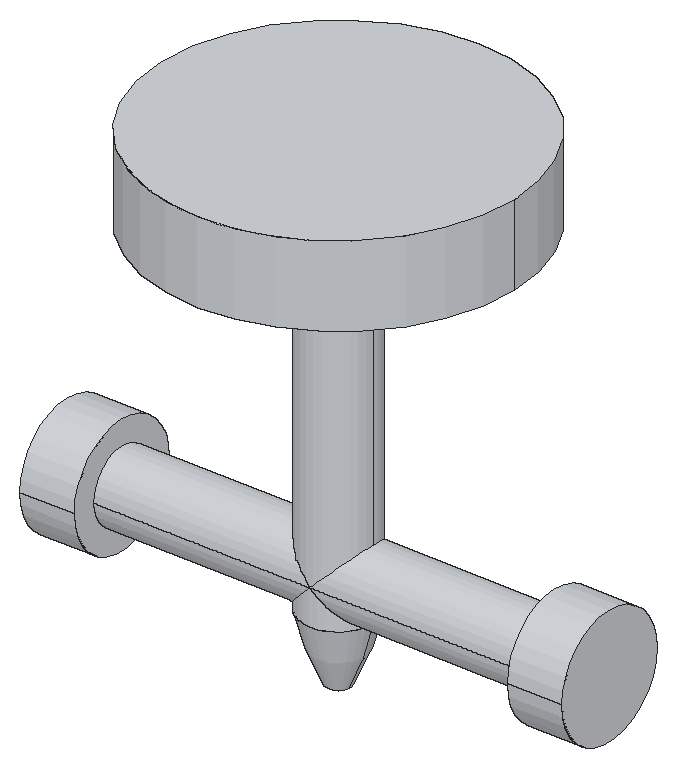
Revit family "fdf2c0a732b74a238cc26c86ea545ad1", category Pipe Accessories, Revit 2021
Family settings
  Round Connector Dimension = Use Radius
  Part Type = Valve - Breaks Into
  OmniClass Number = 23.65.55.14.21
  OmniClass Title = Non-Return Valves for Liquid Services
  Seek Item ID = Check Valve - 0.375-4 Inch - Threaded-0000-USA-ENU
  Work Plane-Based = No
  Always vertical = Yes
  Cut with Voids When Loaded = No
  Shared = No
Parameters (values of type "3/8"")
  Width 1 = Symbol Width / 8  # 0' - 0.07442"
  Valve Material = none
  Symbol Width = 0.5 * Body Length * tan(30.00°)  # 0' - 0.59539"
  Nominal Radius = 3/16"
  Nominal Diameter = Nominal Radius * 2  # 3/8"
  Length 2 = Symbol Width / 2  # 0' - 0.2977"
  Length 1 = Body Radius / 3  # 0' - 0.045"
  K Coefficient = 0.35
  Height 1 = 0' - 0 1/4"
  Default Elevation = 0' - 0"
  Cover Thickness = 0.15 * Body Length  # 0' - 0.30937"
  Cover Radius = Cover Diameter / 2  # 0' - 0.67031"
  Cover Height = 0' - 1 1/2"
  Cover Diameter = 0.65 * Body Length  # 0' - 1.34063"
  Body Radius = Body Diameter / 2  # 0' - 0.135"
  Body Length = 0' - 2 1/16"
  Body Diameter = 0.6 * Adapter Diameter  # 0' - 0.27"
  Adapter Radius = Adapter Diameter / 2  # 0' - 0.225"
  Adapter Length = 0.1 * Body Length  # 0' - 0.20625"
  Adapter Diameter = 1.2 * Nominal Diameter  # 0' - 0.45"
Types (11): name | Width 1 | Symbol Width | Nominal Radius | Nominal Diameter | Length 2 | Length 1 | K Coefficient | Height 1 | Cover Thickness | Cover Radius | Cover Height | Cover Diameter | Body Radius | Body Length | Body Diameter | Adapter Radius | Adapter Length | Adapter Diameter
  (no name) | 0' - 0.07442" | 0' - 0.59539" | 3/16" | 3/8" | 0' - 0.2977" | 0' - 0.045" | 0.35 | 0' - 0 1/4" | 0' - 0.30937" | 0' - 0.67031" | 0' - 1 1/2" | 0' - 1.34063" | 0' - 0.135" | 0' - 2 1/16" | 0' - 0.27" | 0' - 0.225" | 0' - 0.20625" | 0' - 0.45"
  4" | 0' - 0.26161" | 0' - 2.09289" | 2" | 4" | 0' - 1.04645" | 0' - 0.48" | 0.21 | 0' - 1 1/4" | 0' - 1.0875" | 0' - 2.35625" | 0' - 4 1/2" | 0' - 4.7125" | 0' - 1.44" | 0' - 7 1/4" | 0' - 2.88" | 0' - 2.4" | 0' - 0.725" | 0' - 4.8"
  3/8" | 0' - 0.07442" | 0' - 0.59539" | 3/16" | 3/8" | 0' - 0.2977" | 0' - 0.045" | 0.35 | 0' - 0 1/4" | 0' - 0.30937" | 0' - 0.67031" | 0' - 1 1/2" | 0' - 1.34063" | 0' - 0.135" | 0' - 2 1/16" | 0' - 0.27" | 0' - 0.225" | 0' - 0.20625" | 0' - 0.45"
  3/4" | 0' - 0.0857" | 0' - 0.6856" | 3/8" | 3/4" | 0' - 0.3428" | 0' - 0.09" | 0.32 | 0' - 0 1/4" | 0' - 0.35625" | 0' - 0.77187" | 0' - 1 11/16" | 0' - 1.54375" | 0' - 0.27" | 0' - 2 3/8" | 0' - 0.54" | 0' - 0.45" | 0' - 0.2375" | 0' - 0.9"
  3" | 0' - 0.212" | 0' - 1.69597" | 1 1/2" | 3" | 0' - 0.84798" | 0' - 0.36" | 0.32 | 0' - 1" | 0' - 0.88125" | 0' - 1.90938" | 0' - 3 3/4" | 0' - 3.81875" | 0' - 1.08" | 0' - 5 7/8" | 0' - 2.16" | 0' - 1.8" | 0' - 0.5875" | 0' - 3.6"
  2" | 0' - 0.15336" | 0' - 1.22687" | 1" | 2" | 0' - 0.61343" | 0' - 0.24" | 0.25 | 0' - 0 3/4" | 0' - 0.6375" | 0' - 1.38125" | 0' - 2 7/8" | 0' - 2.7625" | 0' - 0.72" | 0' - 4 1/4" | 0' - 1.44" | 0' - 1.2" | 0' - 0.425" | 0' - 2.4"
  2 1/2" | 0' - 0.19846" | 0' - 1.58771" | 1 1/4" | 2 1/2" | 0' - 0.79386" | 0' - 0.3" | 0.24 | 0' - 0 3/4" | 0' - 0.825" | 0' - 1.7875" | 0' - 3 1/2" | 0' - 3.575" | 0' - 0.9" | 0' - 5 1/2" | 0' - 1.8" | 0' - 1 1/2" | 0' - 0.55" | 0' - 3"
  1/2" | 0' - 0.08119" | 0' - 0.64952" | 1/4" | 1/2" | 0' - 0.32476" | 0' - 0.06" | 0.32 | 0' - 0 1/4" | 0' - 0.3375" | 0' - 0.73125" | 0' - 1 1/2" | 0' - 1.4625" | 0' - 0.18" | 0' - 2 1/4" | 0' - 0.36" | 0' - 0.3" | 0' - 0.225" | 0' - 0.6"
  1" | 0' - 0.09923" | 0' - 0.79386" | 1/2" | 1" | 0' - 0.39693" | 0' - 0.12" | 0.31 | 0' - 0 1/2" | 0' - 0.4125" | 0' - 0.89375" | 0' - 1 15/16" | 0' - 1.7875" | 0' - 0.36" | 0' - 2 3/4" | 0' - 0.72" | 0' - 0.6" | 0' - 0.275" | 0' - 1.2"
  1 1/4" | 0' - 0.11727" | 0' - 0.93819" | 5/8" | 1 1/4" | 0' - 0.4691" | 0' - 0.15" | 0.3 | 0' - 0 1/2" | 0' - 0.4875" | 0' - 1.05625" | 0' - 2 3/16" | 0' - 2.1125" | 0' - 0.45" | 0' - 3 1/4" | 0' - 0.9" | 0' - 0 3/4" | 0' - 0.325" | 0' - 1 1/2"
  1 1/2" | 0' - 0.13081" | 0' - 1.04645" | 3/4" | 1 1/2" | 0' - 0.52322" | 0' - 0.18" | 0.28 | 0' - 0 1/2" | 0' - 0.54375" | 0' - 1.17813" | 0' - 2 5/16" | 0' - 2.35625" | 0' - 0.54" | 0' - 3 5/8" | 0' - 1.08" | 0' - 0.9" | 0' - 0.3625" | 0' - 1.8"
Reference planes (in)
  plane 1 "Center (Front/Back)": y = 0
  plane 2: z = 0
  plane 3 "Center (Left/Right)": x = 0
  plane 4: x = -1.03125
  plane 5: x = 1.03125
  plane 6: x = -0.825
  plane 7: x = 0.825
  plane 8: z = 1.19062
  plane 9: z = 1.5
  plane 10: z = -0.135
  plane 11: z = -0.385
  plane 12: x = -0.045
  plane 13: x = -0.135
  plane 14: y = 0.225
  plane 15: y = -0.225
  plane 16: y = 0.59539
  plane 17: y = -0.59539
  plane 18: y = 0.66982
  plane 19: y = 0.74424
  plane 20: x = 0.5273
Forms (in)
  Extrusion 1, solid, material <- "Valve Material", detail levels fine
    sketch origin (0, 0, 0) x (0, 1, 0) y (0, 0, 1)
      loop
        circle (0, 0) r 0.135
    from -0.825 to 0.825
  Extrusion 2, solid, material <- "Valve Material", detail levels fine
    sketch origin (0, 0, 0) x (0, 1, 0) y (0, 0, 1)
      loop
        circle (0, 0) r 0.225
    from -1.03125 to -0.825
  Extrusion 3, solid, material <- "Valve Material", detail levels fine
    sketch origin (0, 0, 0) x (0, 1, 0) y (0, 0, 1)
      loop
        circle (0, 0) r 0.225
    from 0.825 to 1.03125
  Extrusion 4, solid, material <- "Valve Material", detail levels fine
    sketch origin (0, 0, 0) x (1, 0, 0) y (0, 1, 0)
      loop
        circle (0, 0) r 0.135
    from -0.135 to 1.19063
  Extrusion 5, solid, material <- "Valve Material", detail levels fine
    sketch origin (0, 0, 0) x (1, 0, 0) y (0, 1, 0)
      loop
        circle (0, 0) r 0.67031
    from 1.19063 to 1.5
  Revolve 6, solid, material <- "Valve Material", detail levels fine
    sketch origin (0, 0, 0) x (1, 0, 0) y (0, 0, 1)
      loop
        arc (-0.135, -0.135) -> (-0.09877, -0.26316) -> (-0.045, -0.385) r 0.95145
        line (-0.045, -0.385) -> (0, -0.385) -> (0, -0.135) -> (-0.135, -0.135)
      axis (0, -0.135) -> (0, -0.385)
    angle from 0 to 360
Cuts and joins
  joined: Extrusion 1, Extrusion 2, Extrusion 3, Extrusion 4, Extrusion 5, Revolve 6
Lines and regions (in)
  model lines, detail levels coarse+medium
    curve 1: line (-1.03125, 0.59539, 0) -> (1.03125, -0.59539, 0)
    curve 2: line (-1.03125, 0.59539, 0) -> (-1.03125, -0.59539, 0)
    curve 3: line (1.03125, 0.59539, 0) -> (1.03125, -0.59539, 0)
    curve 4: line (-0.825, 0.66982, 0) -> (0.825, 0.66982, 0)
    curve 5: line (0.825, 0.66982, 0) -> (0.5273, 0.74424, 0)
    curve 6: line (0.5273, 0.74424, 0) -> (0.5273, 0.66982, 0)
Dimensions and locks (in)
  equal spacing: plane 4, plane 3 "Center (Left/Right)", plane 5
  "Body Length": plane 4 to plane 5
  "Adapter Length": plane 4 to plane 6
  "Adapter Length": plane 7 to plane 5
  "Cover Thickness": plane 9 to plane 8
  "Cover Height": plane 9 to plane 2
  "Body Radius": plane 2 to plane 10
  "Height 1": plane 10 to plane 11
  "Length 1": plane 3 "Center (Left/Right)" to plane 12
  "Body Radius": plane 3 "Center (Left/Right)" to plane 13
  "Adapter Radius": plane 14 to plane 1 "Center (Front/Back)"
  "Adapter Radius": plane 1 "Center (Front/Back)" to plane 15
  "Symbol Width": plane 16 to plane 1 "Center (Front/Back)"
  "Symbol Width": plane 1 "Center (Front/Back)" to plane 17
  "Width 1": plane 18 to plane 16
  "Width 1": plane 19 to plane 18
  "Length 2": plane 20 to plane 7
  "Body Radius": radius of Extrusion 1 sketch curve
  "Adapter Radius": radius of Extrusion 2 sketch curve
  "Adapter Radius": radius of Extrusion 3 sketch curve
  "Body Radius": radius of Extrusion 4 sketch curve
  "Cover Radius": radius of Extrusion 5 sketch curve
  aligned and locked: plane 2 to Extrusion 1 sketch curve
  aligned and locked: plane 1 "Center (Front/Back)" to Extrusion 1 sketch curve
  aligned and locked: Extrusion 1 to plane 6
  aligned and locked: plane 7 to Extrusion 1
  aligned and locked: plane 2 to Extrusion 2 sketch curve
  aligned and locked: plane 1 "Center (Front/Back)" to Extrusion 2 sketch curve
  aligned and locked: Extrusion 2 to plane 4
  aligned and locked: plane 6 to Extrusion 2
  aligned and locked: plane 2 to Extrusion 3 sketch curve
  aligned and locked: plane 1 "Center (Front/Back)" to Extrusion 3 sketch curve
  aligned and locked: Extrusion 3 to plane 7
  aligned and locked: plane 5 to Extrusion 3
  aligned and locked: plane 1 "Center (Front/Back)" to Extrusion 4 sketch curve
  aligned and locked: plane 3 "Center (Left/Right)" to Extrusion 4 sketch curve
  aligned and locked: Extrusion 4 to plane 10
  aligned and locked: plane 8 to Extrusion 4
  aligned and locked: plane 1 "Center (Front/Back)" to Extrusion 5 sketch curve
  aligned and locked: plane 3 "Center (Left/Right)" to Extrusion 5 sketch curve
  aligned and locked: Extrusion 5 to plane 8
  aligned and locked: plane 9 to Extrusion 5
  aligned and locked: plane 3 "Center (Left/Right)" to Revolve 6 sketch curve  (x2)
  aligned and locked: plane 13 to Revolve 6 sketch curve
  aligned and locked: Revolve 6 sketch curve to plane 10
  aligned and locked: plane 12 to Revolve 6 sketch curve
  aligned and locked: Revolve 6 sketch curve to plane 11
  aligned and locked: plane 10 to Revolve 6 sketch curve
  aligned and locked: plane 11 to Revolve 6 sketch curve
  aligned and locked: Revolve 6 sketch curve to plane 3 "Center (Left/Right)"
  aligned and locked: plane 16 to curve 1
  aligned and locked: plane 17 to curve 1
  aligned and locked: plane 5 to curve 1
  aligned and locked: plane 17 to curve 2
  aligned and locked: curve 2 to plane 4
  aligned and locked: plane 16 to curve 3
  aligned and locked: curve 3 to plane 5
  aligned and locked: plane 6 to curve 4
  aligned and locked: plane 7 to curve 4
  aligned and locked: curve 4 to plane 18
  aligned and locked: plane 19 to curve 5
  aligned and locked: plane 18 to curve 6
  aligned and locked: plane 20 to curve 6
Automatic sketch dimensions
  plane 10 to Revolve 6 sketch curve = 0' - 0.19412"
  Revolve 6 sketch curve to Revolve 6 sketch curve = 0' - 0.19243"
  Revolve 6 sketch curve to Revolve 6 sketch curve = 0' - 0.32693"
Connectors (in)
  piping at (-1.03125, 0, 0), diameter 0.375, driven by "Nominal Radius"
    settings: on cut or joined group of Extrusion 1, Extrusion 2, Extrusion 3, Extrusion 4, Extrusion 5, Revolve 6, index 1, connector inside diameter 3/8", connector length 0' - 0", flow factor 0, pipe flow 0 GPM, pressure drop 0.00 psi, fitting loss kfactor 0, connector angle 0.00°, fixture units 0, engagement length 0' - 0", angle of deflection 0.00°, flow configuration 0, flow direction 1, fitting loss method 2, system type 29, joint type 0, gender type 0, connector reference index 2, connector utility 0, adjustable connector no, is connector primary yes, connector description "In"
  piping at (1.03125, 0, 0), diameter 0.375, driven by "K Coefficient", driven by "Nominal Radius"
    settings: on cut or joined group of Extrusion 1, Extrusion 2, Extrusion 3, Extrusion 4, Extrusion 5, Revolve 6, index 2, connector inside diameter 3/8", connector length 0' - 0", flow factor 0, pipe flow 0 GPM, pressure drop 0.00 psi, fitting loss kfactor 0.35, connector angle 0.00°, fixture units 0, engagement length 0' - 0", angle of deflection 0.00°, flow configuration 0, flow direction 2, fitting loss method 2, system type 29, joint type 0, gender type 0, connector reference index 1, connector utility 0, adjustable connector no, is connector primary no, connector description "Out"
